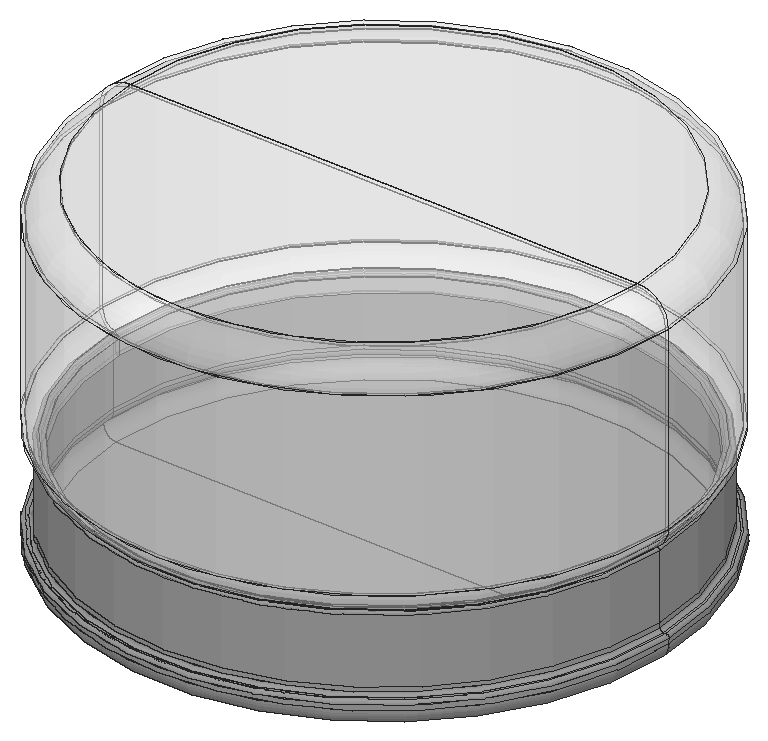
Revit family "P3518-30 2-60W MED FITTER CTC", category Lighting Fixtures, host Face, Revit 2012
Parameters (values of type "P3518-30 2-60W MED FITTER CTC")
  Wattage Comments = "60 W"
  Wattage = 9.2903 W
  built-in parameter 1150110 = 1 (stored number, unit not read)
  URL = "http://www.progresslighting.com/"
  built-in parameter 1114217 = 1 (stored number, unit not read)
  built-in parameter 1150109 = 1 (stored number, unit not read)
  built-in parameter 1150134 = 3
  built-in parameter 1150113 = 1 (stored number, unit not read)
  Product Page URL = "http://www.progresslighting.com/products.aspx?product=P3518-30"
  Product Documentation Link = "http://www.progresslighting.com/SpecSheets/P3518.pdf"
  Model = "P3518-30"  # constant formula
  Manufacturer Phone = "(864)-678-1000"  # constant formula
  Manufacturer Fax = "(864)-678-1065"  # constant formula
  Manufacturer = "Progress Lighting"  # constant formula
  built-in parameter 1150105 = 109.82 (stored number, unit not read)
  Lumens = 1380 lm
  built-in parameter 1150115 = 1 (stored number, unit not read)
  Light Source Symbol Size = 3"
  built-in parameter 1150137 = (empty or 0)
  built-in parameter 1150139 = (empty or 0)
  Lamp Type = "Medium Base"
  built-in parameter 1150112 = 1 (stored number, unit not read)
  built-in parameter 1150114 = 1 (stored number, unit not read)
  Lamp = "Three"
  built-in parameter 1150132 = (empty or 0)
  built-in parameter 1150102 = (empty or 0)
  built-in parameter 1150107 = 3200 (stored number, unit not read)
  built-in parameter 1150138 = (empty or 0)
  built-in parameter 1150106 = 1.0982 (stored number, unit not read)
  Etched Bowl = White Glass
  built-in parameter 1150104 = 13.8 (stored number, unit not read)
  Dimming Lamp Color Temperature Shift = <None>
  Description = "White glass with snap-in fitter"  # constant formula
  Default Elevation = 48"
  Color Filter = 16777215
  built-in parameter 1114218 = 1 (stored number, unit not read)
  Back Plate = White
  built-in parameter 1150133 = 10 (stored number, unit not read)
Reference planes (in)
  plane 1 "Center (Front/Back)": y = 0
  plane 2: z = 0
  plane 3 "Center (Left/Right)": x = 0
  plane 4: z = 5
  plane 5: x = 4.325
  plane 6: z = 1.5
Forms (in)
  Revolve 1, solid, material "White" <- "Back Plate"
    sketch origin (0, 0, 0) x (1, 0, 0) y (0, 0, 1)
      loop
        line (0, 0) -> (4.075, 0)
        arc (4.075, 0) -> (4.25178, 0.07322) -> (4.325, 0.25) r 0.25
        line (4.325, 0.25) -> (4.325, 0.32833)
        arc (4.325, 0.32833) -> (4.31043, 0.36349) -> (4.27527, 0.37806) r 0.04973
        line (4.27527, 0.37806) -> (4.23281, 0.37806)
        arc (4.23281, 0.37806) -> (4.19584, 0.39337) -> (4.18053, 0.43033) r 0.05227
        line (4.18053, 0.43033) -> (4.18053, 0.49185) -> (4.18053, 1.4741)
        arc (4.18053, 1.4741) -> (4.15455, 1.50008) -> (4.12856, 1.4741) r 0.02599
        line (4.12856, 1.4741) -> (4.12856, 0.49185) -> (4.12856, 0.43033)
        arc (4.12856, 0.43033) -> (4.15875, 0.35746) -> (4.23161, 0.32728) r 0.10305
        line (4.23161, 0.32728) -> (4.27422, 0.32728) -> (4.27422, 0.25)
        arc (4.27422, 0.25) -> (4.21587, 0.10913) -> (4.075, 0.05078) r 0.19922
        line (4.075, 0.05078) -> (0, 0.05078) -> (0, 0)
      axis (0, 1.4741) -> (0, 0)
    angle from 0 to 360
  Revolve 2, solid, material "White Glass" <- "Etched Bowl"
    sketch origin (0, 0, 0) x (1, 0, 0) y (0, 0, 1)
      loop
        line (0, 5) -> (0, 4.94922) -> (3.85797, 4.94922)
        arc (3.85797, 4.94922) -> (4.1523, 4.8273) -> (4.27422, 4.53297) r 0.41625
        line (4.27422, 4.53297) -> (4.27422, 1.81087)
        arc (4.27422, 1.81087) -> (4.22767, 1.65552) -> (4.10336, 1.55137) r 0.2825
        arc (4.10336, 1.55137) -> (4.05834, 1.52298) -> (4.02422, 1.48212) r 0.17102
        line (4.02422, 1.48212) -> (4.02422, 1.25) -> (4.075, 1.25) -> (4.075, 1.46673)
        arc (4.075, 1.46673) -> (4.09674, 1.48888) -> (4.12343, 1.50472) r 0.12024
        arc (4.12343, 1.50472) -> (4.27008, 1.62759) -> (4.325, 1.81087) r 0.33328
        line (4.325, 1.81087) -> (4.325, 4.53297)
        arc (4.325, 4.53297) -> (4.18821, 4.86321) -> (3.85797, 5) r 0.46703
        line (3.85797, 5) -> (0, 5)
      axis (0, 5) -> (0, 1.25)
    angle from 0 to 360
Dimensions and locks (in)
  locked: plane 4 to plane 2 at 5
  locked: plane 5 to plane 3 "Center (Left/Right)" at 4.325
  plane 2 to plane 6 to plane 4 = 1 1/2", 3 1/2"
  locked: Revolve 1 sketch curve to Revolve 1 sketch curve at 0.05078
  locked: Revolve 1 sketch curve to Revolve 1 sketch curve at 0.05197
  locked: Revolve 2 sketch curve to Revolve 2 sketch curve at 0.05078
  Revolve 2 sketch curve to Revolve 2 sketch curve to Revolve 2 sketch curve = 4.27422" locked, 13/256" locked
  locked: Revolve 2 sketch curve to plane 6 at 0.25
  aligned and locked: plane 2 to host face
  aligned and locked: level to host face
  aligned and locked: Revolve 1 sketch curve to plane 3 "Center (Left/Right)"
  aligned and locked: Revolve 2 sketch curve to plane 3 "Center (Left/Right)"
  aligned and locked: Revolve 1 sketch curve to level
  aligned and locked: Revolve 2 sketch curve to plane 4
  aligned and locked: plane 3 "Center (Left/Right)" to imposter light
  aligned and locked: imposter light to plane 1 "Center (Front/Back)"
Connectors (in)
  electrical at (0, 0, 0), driven by "Description"
    settings: index 1, voltage 0 V, apparent load 0 VA, apparent load phase1 0 VA, apparent load phase2 0 VA, apparent load phase3 0 VA, power factor 1, load classification "Other", number of poles 1, system type 30, power factor state 1, is connector primary yes, connector utility no, sub classification motor no, connector description "White glass with snap-in fitter"
